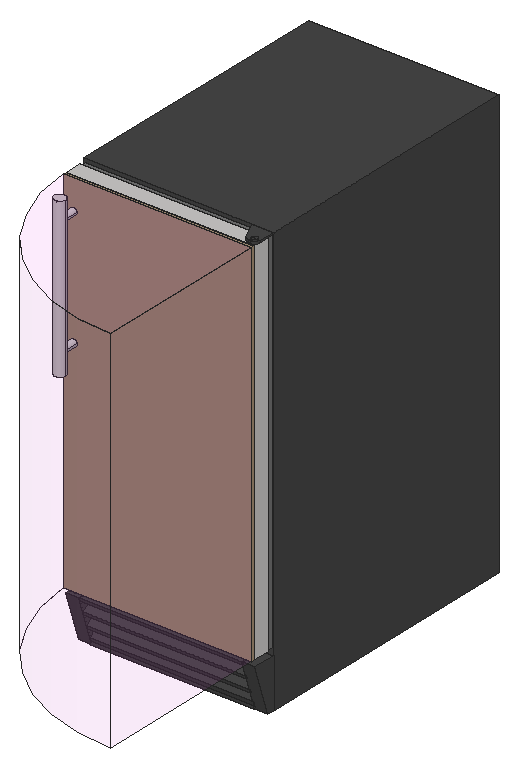
Revit family "QF_Summit_BIM44GIF_Ice_Maker", category Specialty Equipment, Revit 2020
Family settings
  Round Connector Dimension = Use Diameter
  Part Type = Normal
  Work Plane-Based = No
  Always vertical = Yes
  Cut with Voids When Loaded = No
  Shared = No
  Room Calculation Point = No
Parameters
  Weight in Pounds = 100
  Watts = if(Phase = 3, Volts * FL Amps * 1.73, Volts * FL Amps)  # 552 W
  Waste Water Discharge Temperature = -459.67 °F
  Volts = 115 V
  Ventilation Remarks = ""
  URL Cutsheet = ""
  Specification by User = ""
  Specification by Manufacturer = ""
  Show RHD [instance] = yes
  Show LHD [instance] = not(Show RHD)  # no
  Show Clearance [instance] = yes
  Serial Number = ""
  Seismic Rating = ""
  SMACNA No = ""
  Revision Code = ""
  Refrigerant Volume = 0.00 kip
  Refrigerant Type = "R134a"
  Plumbing Remarks = ""
  Phase = 1
  Number of Poles = 1
  NAFEM Spec ID Number = ""
  Model = "BIM44GIF"
  Min Ckt Ampacity = 0 A
  Max Overcurrent Protection = 0 A
  Masterspec = ""
  Manufacturer = "Summit"
  Length = 14 1/2"
  Item Number = ""
  Installed By = ""
  Indirect Waste Size = 3/4"
  Indirect Waste Flow = 0 GPM
  Indirect Waste Connection Type = ""
  Indirect Waste Connection Height = 0"
  Identify Quantity as Lot = yes
  Height = 33"
  HP = ""
  Furnished By = ""
  Foodservice Equipment Identifier = yes
  FL Amps = 4.8 A
  Electrical Remarks = ""
  Electric Connection Type = ""
  Elec Conn RI Height = 0"
  Elec Conn Connection Height = 0"
  Direct Waste Size = 0"
  Direct Waste RI Height = 0"
  Direct Waste Flow = 0 GPM
  Direct Waste Connection Height = 0"
  Description = "Ice Maker"
  Depth = 23 1/2"
  Default Elevation = 0"
  Cycle = 60 Hz
  Conn Plug = ""
  Conn Conduit = yes
  Cold Water Temperature Recommended = -459.67 °F
  Cold Water Size = 3/8"
  Cold Water RI Height = 0"
  Cold Water Minimum Pressure = 0.00 psi
  Cold Water Maximum Pressure = 0.00 psi
  Cold Water Flow = 0 GPM
  Cold Water Consumption = ""
  Cold Water Connection Height = 0"
  CSI MasterFormat = ""
  Base Height [instance] = 1/4"
  BTUH = 0.0 Btu/h
  Apparent Power = if(Phase = 3, Volts * FL Amps * 1.73, Volts * FL Amps)  # 552 VA
Reference planes (in)
  plane 1 "BACK": y = 0
  plane 2: z = 0
  plane 3 "LEFT": x = 0
  plane 4 "RIGHT": x = 14.5
  plane 5 "FRONT": y = -23.25
  plane 6 "TOP": z = 33
  plane 7 "Center Y": x = 7.25
  plane 8 "Center X": y = -11.625
  plane 9 "Base Height": z = 0.25
  plane 10: y = -25.25
  plane 11: y = -21.5
  plane 12: z = 0.5
  plane 13: y = -23.5
  plane 14: y = -37
  plane 15: z = 32
  plane 16: z = 20
Forms (in)
  Extrusion 1, solid, material "QF_Metal_Black"
    sketch origin (0, 0, 0.25) x (-1, 0, 0) y (0, -1, 0)
      loop
        line (0, 0) -> (0, 21.5) -> (-14.5, 21.5) -> (-14.5, 0) -> (0, 0)
    from 0 to 32.75
  Extrusion 2, solid, material "QF_Metal_Stainless_Polished"
    sketch origin (15.07679, -21.5, 0.25) x (-1, 0, 0) y (0, 0, -1)
      loop
        line (0.63929, -32.5625) -> (15.01429, -32.5625) -> (15.01429, -4.1875) -> (0.63929, -4.1875) -> (0.63929, -32.5625)
    from 0.48459 to 1.75
  Extrusion 3, solid, material "QF_Rubber - Black - Smooth"
    sketch origin (15.07679, -21.5, 0.25) x (-1, 0, 0) y (0, 0, -1)
      loop
        line (14.95179, -32.5) -> (14.95179, -4.25) -> (0.70179, -4.25) -> (0.70179, -32.5) -> (14.95179, -32.5)
    from 0 to 0.48459
  Extrusion 4, solid, material "QF_Metal_Black", visible <- "Show LHD"
    sketch origin (0, 0, 33) x (-1, 0, 0) y (0, -1, 0)
      loop
        arc (-1.59653, 21.54634) -> (-1.5807, 21.51337) -> (-1.54666, 21.5) r 0.05
        line (-1.54666, 21.5) -> (0, 21.5) -> (0, 22.79709)
        arc (0, 22.79709) -> (-0.10983, 23.06226) -> (-0.375, 23.17209) r 0.375
        line (-0.375, 23.17209) -> (-0.57316, 23.17209)
        arc (-0.57316, 23.17209) -> (-0.77491, 23.11319) -> (-0.91329, 22.95501) r 0.375
        line (-0.91329, 22.95501) -> (-1.59653, 21.54634)
      loop
        circle (-0.375, 22.85959) r 0.21875
    from 0 to -0.125
  Revolve 5, solid, material "QF_Metal_Black", visible <- "Show LHD"
    sketch origin (0, -22.8585, 0) x (1, 0, 0) y (0, 0, 1)
      loop
        line (0.375, 33.0625) -> (0.15649, 33.0625) -> (0.15649, 32.875) -> (0.26575, 32.875) -> (0.26575, 32.8125) -> (0.375, 32.8125) -> (0.375, 33.0625)
      axis (0.375, 32.8125) -> (0.375, 33.0625)
    angle from 0 to 360
  Extrusion 6, solid, material "QF_Metal_Black"
    sketch origin (14.4375, -21.5, 4.4375) x (0, 1, 0) y (1, 0, 0)
      loop
        line (0, -14.4375) -> (0, -12.89084)
        arc (0, -12.89084) -> (-0.01337, -12.8568) -> (-0.04634, -12.84097) r 0.05
        line (-0.04634, -12.84097) -> (-1.45501, -13.52421)
        arc (-1.45501, -13.52421) -> (-1.61319, -13.66259) -> (-1.67209, -13.86434) r 0.375
        line (-1.67209, -13.86434) -> (-1.67209, -14.0625)
        arc (-1.67209, -14.0625) -> (-1.56226, -14.32767) -> (-1.29709, -14.4375) r 0.375
        line (-1.29709, -14.4375) -> (0, -14.4375)
    from 0.0625 to 0.25
  Extrusion 7, solid, material "QF_Metal_Black"
    sketch origin (14.4375, -21.5, 4.375) x (0, 1, 0) y (-1, 0, 0)
      loop
        circle (-1.3585, 14.0625) r 0.21851
    from 0 to 0.125
  Extrusion 8, solid, material "QF_Metal_Black"
    sketch origin (0, 0, 0) x (0, 1, 0) y (0, 0, 1)
      loop
        line (-21.5, 0.25) -> (-21.5, 4) -> (-23.25, 4) -> (-22, 0.25) -> (-21.5, 0.25)
    from 0 to 1
  Extrusion 9, solid, material "QF_Metal_Black"
    sketch origin (14.5, 0, 0) x (0, -1, 0) y (0, 0, 1)
      loop
        line (21.5, 0.25) -> (22, 0.25) -> (23.25, 4) -> (21.5, 4) -> (21.5, 0.25)
    from 0 to 1
  Extrusion 10, solid, material "QF_Metal_Black"
    sketch origin (1, 0, 0) x (0, 1, 0) y (0, 0, 1)
      loop
        line (-21.5, 4) -> (-23.25, 4) -> (-23.16667, 3.75) -> (-21.625, 3.75) -> (-22.88286, 2.89857) -> (-22.79167, 2.625) -> (-21.625, 2.625) -> (-22.5, 1.75) -> (-22.41667, 1.5) -> (-21.67961, 1.5) -> (-22.16667, 0.75) -> (-22.08333, 0.5) -> (-22.08333, 0.25) -> (-21.5, 0.25) -> (-21.5, 4)
    from 0 to 12.5
  Extrusion 11, void
    sketch origin (0, 0, 0.25) x (1, 0, 0) y (0, 0, -1)
      loop
        line (0.25, -7.875) -> (5, -7.875) -> (5, -0.25) -> (0.25, -0.25) -> (0.25, -7.875)
    from -1 to 1
  Extrusion 12, solid, material "QF_Rubber - Black - Smooth"
    sketch origin (0, 0, 0.25) x (1, 0, 0) y (0, 0, -1)
      loop
        circle (5.5, -0.75) r 0.25
    from 0 to 0.0625
  Extrusion 13, solid
    sketch origin (0, -1, 0.25) x (1, 0, 0) y (0, 0, -1)
      loop
        circle (1.75, -4.875) r 0.375
      loop
        circle (3.0625, -6.57986) r 0.1875
    from 0 to 0.0625
  Extrusion 14, solid, material "QF_Clearances_Door_Drawer", visible <- "Show LHD"
    sketch origin (14.4375, -21.75, 4.4375) x (0, 1, 0) y (1, 0, 0)
      loop
        arc (-1.75, 0.00137) -> (-11.3422, -4.51854) -> (-15.25245, -14.375) r 14.42446
        line (-15.25245, -14.375) -> (-1.75, -14.375) -> (-1.75, 0.00137)
    from 0 to -28.375
  Revolve 15, solid, material "QF_Metal_Black"
    sketch origin (0, -20, 0) x (1, 0, 0) y (0, 0, 1)
      loop
        line (1, 0) -> (1.5, 0) -> (1.5, 0.25) -> (1, 0.25) -> (1, 0)
      axis (1.5, 0.25) -> (1.5, 0)
    angle from 0 to 360
  Revolve 16, solid, material "QF_Metal_Black"
    sketch origin (11.5, -20, 0) x (1, 0, 0) y (0, 0, 1)
      loop
        line (1, 0) -> (1.5, 0) -> (1.5, 0.25) -> (1, 0.25) -> (1, 0)
      axis (1.5, 0.25) -> (1.5, 0)
    angle from 0 to 360
  Revolve 17, solid, material "QF_Metal_Black"
    sketch origin (0, -1.5, 0) x (1, 0, 0) y (0, 0, 1)
      loop
        line (1, 0) -> (1.5, 0) -> (1.5, 0.25) -> (1, 0.25) -> (1, 0)
      axis (1.5, 0.25) -> (1.5, 0)
    angle from 0 to 360
  Revolve 18, solid, material "QF_Metal_Black"
    sketch origin (11.5, -1.5, 0) x (1, 0, 0) y (0, 0, 1)
      loop
        line (1, 0) -> (1.5, 0) -> (1.5, 0.25) -> (1, 0.25) -> (1, 0)
      axis (1.5, 0.25) -> (1.5, 0)
    angle from 0 to 360
  Extrusion 19, solid, material "QF_Wood_Hard_Rock_Maple_Satin"
    sketch origin (15.07679, -23.25, 0.25) x (-1, 0, 0) y (0, 0, -1)
      loop
        line (0.63929, -32.5625) -> (15.01429, -32.5625) -> (15.01429, -4.1875) -> (0.63929, -4.1875) -> (0.63929, -32.5625)
    from 0 to 0.25
  Extrusion 20, solid, material "QF_Metal_Stainless_Polished", visible <- "Show LHD"
    sketch origin (14.4375, -21.5, 32.8125) x (-1, 0, 0) y (0, -1, 0)
      loop
        circle (0.75096, 3.31373) r 0.43671
    from -0.8125 to -12.8125
  Extrusion 21, solid, material "QF_Metal_Stainless_Polished", visible <- "Show LHD"
    sketch origin (15.07679, -23.5, 0.25) x (-1, 0, 0) y (0, 0, -1)
      loop
        circle (1.39025, -30.25) r 0.25
      loop
        circle (1.39025, -21.25) r 0.25
    from 0 to 1.31373
  Extrusion 22, solid, material "QF_Clearances_Door_Drawer", visible <- "Show RHD"
    sketch origin (0.0625, -21.75, 4.4375) x (0, -1, 0) y (-1, 0, 0)
      loop
        line (1.75, 0.00137) -> (1.75, -14.375) -> (15.25245, -14.375)
        arc (15.25245, -14.375) -> (11.3422, -4.51854) -> (1.75, 0.00137) r 14.42446
    from 0 to -28.375
  Extrusion 23, solid, material "QF_Metal_Stainless_Polished", visible <- "Show RHD"
    sketch origin (0.0625, -21.5, 32.8125) x (1, 0, 0) y (0, 1, 0)
      loop
        circle (0.75096, -3.31373) r 0.43671
    from -0.8125 to -12.8125
  Extrusion 24, solid, material "QF_Metal_Stainless_Polished", visible <- "Show RHD"
    sketch origin (-0.57679, -23.5, 0.25) x (1, 0, 0) y (0, 0, 1)
      loop
        circle (1.39025, 30.25) r 0.25
      loop
        circle (1.39025, 21.25) r 0.25
    from 0 to 1.31373
  Extrusion 25, solid, material "QF_Metal_Black", visible <- "Show RHD"
    sketch origin (14.5, 0, 33) x (1, 0, 0) y (0, 1, 0)
      loop
        line (-1.59653, -21.54634) -> (-0.91329, -22.95501)
        arc (-0.91329, -22.95501) -> (-0.77491, -23.11319) -> (-0.57316, -23.17209) r 0.375
        line (-0.57316, -23.17209) -> (-0.375, -23.17209)
        arc (-0.375, -23.17209) -> (-0.10983, -23.06226) -> (0, -22.79709) r 0.375
        line (0, -22.79709) -> (0, -21.5) -> (-1.54666, -21.5)
        arc (-1.54666, -21.5) -> (-1.5807, -21.51337) -> (-1.59653, -21.54634) r 0.05
      loop
        circle (-0.375, -22.85959) r 0.21875
    from 0 to -0.125
  Revolve 26, solid, material "QF_Metal_Black", visible <- "Show RHD"
    sketch origin (14.5, -22.8585, 0) x (-1, 0, 0) y (0, 0, -1)
      loop
        line (0.375, -33.0625) -> (0.375, -32.8125) -> (0.26575, -32.8125) -> (0.26575, -32.875) -> (0.15649, -32.875) -> (0.15649, -33.0625) -> (0.375, -33.0625)
      axis (0.375, -32.8125) -> (0.375, -33.0625)
    angle from 0 to 360
Cuts and joins
  Extrusion 11 cuts Extrusion 1
Lines and regions (in)
  Split face 1
    outline origin (0.375, -22.8585, 33.0625) x (0, 1, 0) y (-1, 0, 0)
      loop
        line (-0.02941, 0.21652) -> (-0.02941, -0.21751)
  Split face 2
    outline origin (0.375, -22.8585, 33.0625) x (0, 1, 0) y (-1, 0, 0)
      loop
        line (0.03309, 0.21651) -> (0.03309, -0.21651)
  Split face 3
    outline origin (14.125, -22.8585, 33.0625) x (1, 0, 0) y (0, 1, 0)
      loop
        line (0.21652, -0.02941) -> (-0.21751, -0.02941)
  Split face 4
    outline origin (14.125, -22.8585, 33.0625) x (1, 0, 0) y (0, 1, 0)
      loop
        line (0.21651, 0.03309) -> (-0.21651, 0.03309)
  symbolic lines
    curve 1: line (0, 0, 0.25) -> (14.5, 0, 0.25)
    curve 2: line (0, -23.5, 0.25) -> (0, 0, 0.25)
    curve 3: line (14.5, -21.5, 0.25) -> (0, -21.5, 0.25)
    curve 4: line (14.5, 0, 0.25) -> (14.5, -23.5, 0.25)
    curve 7: line (14.4375, -23.5, 0.25) -> (14.4375, -21.98459, 0.25)
    curve 13: arc (0.59351, -22.8585, 0.25) -> (0.375, -23.07701, 0.25) -> (0.15649, -22.8585, 0.25) r 0.21851
    curve 14: arc (0.15649, -22.8585, 0.25) -> (0.375, -22.64, 0.25) -> (0.59351, -22.8585, 0.25) r 0.21851
    curve 15: line (0.15901, -22.82541, 0.25) -> (0.59099, -22.82541, 0.25)
    curve 16: line (0.15848, -22.88791, 0.25) -> (0.59152, -22.88791, 0.25)
    curve 17: line (0.0625, -23.00438, 0.25) -> (0.0625, -23.5, 0.25)
    curve 32: line (0.0625, -23.5, 0.25) -> (0.0625, -21.98459, 0.25)
  symbolic lines, visible <- "Show LHD"
    curve 5: line (14.375, -21.98459, 0.25) -> (14.375, -21.5, 0.25)
    curve 6: line (14.4375, -21.98459, 0.25) -> (1.38396, -21.98459, 0.25)
    curve 8: arc (1.59653, -21.54634, 0.25) -> (1.5807, -21.51337, 0.25) -> (1.54666, -21.5, 0.25) r 0.05
    curve 9: line (0.91329, -22.95501, 0.25) -> (1.59653, -21.54634, 0.25)
    curve 10: arc (0.57316, -23.17209, 0.25) -> (0.77491, -23.11319, 0.25) -> (0.91329, -22.95501, 0.25) r 0.375
    curve 11: line (0.375, -23.17209, 0.25) -> (0.57316, -23.17209, 0.25)
    curve 12: arc (0, -22.79709, 0.25) -> (0.10983, -23.06226, 0.25) -> (0.375, -23.17209, 0.25) r 0.375
    curve 21: line (13.9375, -23.5, 0.25) -> (13.9375, -24.45633, 0.25)
    curve 22: line (13.4375, -23.5, 0.25) -> (13.4375, -24.45499, 0.25)
    curve 23: arc (14.12325, -24.81373, 0.25) -> (13.68654, -24.37702, 0.25) -> (13.24984, -24.81373, 0.25) r 0.43671
    curve 24: arc (13.24984, -24.81373, 0.25) -> (13.68654, -25.25043, 0.25) -> (14.12325, -24.81373, 0.25) r 0.43671
  symbolic lines, style "QF_Clearances_Door_Drawer", visible <- "Show LHD"
    curve 18: arc (14.43783, -23.5, 0.25) -> (13.72697, -27.12976, 0.25) -> (12.11734, -30.45986, 0.25) r 14.43997
    curve 19: line (0.0625, -23.5, 0.25) -> (12.11734, -30.45986, 0.25)
  symbolic lines, style "SpecialityEquipment"
    curve 20: line (0, -23.5, 0.25) -> (14.5, -23.5, 0.25)
  symbolic lines, style "QF_Clearances_Door_Drawer", visible <- "Show RHD"
    curve 25: arc (0.06217, -23.5, 0.25) -> (0.77303, -27.12976, 0.25) -> (2.38266, -30.45986, 0.25) r 14.43997
    curve 26: line (14.4375, -23.5, 0.25) -> (2.38266, -30.45986, 0.25)
  symbolic lines, visible <- "Show RHD"
    curve 27: line (0.5625, -23.5, 0.25) -> (0.5625, -24.45633, 0.25)
    curve 28: line (1.0625, -23.5, 0.25) -> (1.0625, -24.45499, 0.25)
    curve 29: arc (0.37675, -24.81373, 0.25) -> (0.81346, -24.37702, 0.25) -> (1.25016, -24.81373, 0.25) r 0.43671
    curve 30: arc (1.25016, -24.81373, 0.25) -> (0.81346, -25.25043, 0.25) -> (0.37675, -24.81373, 0.25) r 0.43671
    curve 31: line (0.0625, -21.98459, 0.25) -> (13.11604, -21.98459, 0.25)
    curve 33: arc (12.90347, -21.54634, 0.25) -> (12.9193, -21.51337, 0.25) -> (12.95334, -21.5, 0.25) r 0.05
    curve 34: line (13.58671, -22.95501, 0.25) -> (12.90347, -21.54634, 0.25)
    curve 35: arc (13.92684, -23.17209, 0.25) -> (13.72509, -23.11319, 0.25) -> (13.58671, -22.95501, 0.25) r 0.375
    curve 36: line (14.125, -23.17209, 0.25) -> (13.92684, -23.17209, 0.25)
    curve 37: arc (14.5, -22.79709, 0.25) -> (14.39017, -23.06226, 0.25) -> (14.125, -23.17209, 0.25) r 0.375
    curve 38: line (0.125, -21.98459, 0.25) -> (0.125, -21.5, 0.25)
Dimensions and locks (in)
  equal spacing: plane 3 "LEFT", plane 7 "Center Y", plane 4 "RIGHT"
  "Length": plane 3 "LEFT" to plane 4 "RIGHT"
  equal spacing: plane 5 "FRONT", plane 8 "Center X", plane 1 "BACK"
  plane 13 to plane 1 "BACK" = 23 1/2"
  "Height": plane 6 "TOP" to level
  "Base Height": plane 9 "Base Height" to level
  plane 14 to plane 1 "BACK" = 37"
  plane 10 to plane 5 "FRONT" = 2"
  plane 11 to plane 1 "BACK" = 21 1/2"
  plane 6 "TOP" to plane 9 "Base Height" = 32 3/4"
  plane 13 to plane 5 "FRONT" = 1/4"
  plane 15 to plane 16 = 12"
  aligned and locked: level to plane 2
Automatic sketch dimensions
  curve 13 to curve 14 = 0"  (x2)
  curve 23 to curve 24 = 0"  (x2)
  curve 29 to curve 30 = 0"  (x2)
  curve 20 to plane 4 "RIGHT" = 0"
  curve 18 to plane 13 = 0"
  curve 7 to plane 13 = 0"
  plane 11 to curve 5 = 0"
  curve 32 to plane 13 = 0"
  curve 12 to plane 3 "LEFT" = 0"
  plane 1 "BACK" to curve 1 = 0"
  plane 4 "RIGHT" to curve 25 = 0.02832"
  curve 4 to curve 7 = 1/16"
  curve 36 to plane 5 "FRONT" = 0.07791"
  plane 4 "RIGHT" to curve 36 = 3/8"
  curve 36 to curve 36 = 0.19816"
  plane 4 "RIGHT" to curve 24 = 0.81346"
  curve 34 to plane 5 "FRONT" = 0.29499"
  curve 35 to curve 34 = 0.34013"
  plane 11 to curve 33 = 0.05"
  curve 34 to curve 33 = 0.63337"
  plane 11 to curve 34 = 0.04634"
  plane 4 "RIGHT" to curve 19 = 2.38266"
  plane 3 "LEFT" to curve 26 = 2.38266"
  plane 11 to curve 9 = 0.04634"
  plane 3 "LEFT" to curve 9 = 1.59653"
  curve 8 to curve 8 = 0.04987"
  curve 9 to plane 5 "FRONT" = 0.29499"
  plane 3 "LEFT" to curve 9 = 0.91329"
  plane 3 "LEFT" to curve 30 = 0.81346"
  curve 11 to plane 5 "FRONT" = 0.07791"
  curve 9 to curve 11 = 0.34013"
  curve 10 to curve 13 = 0.19816"
  curve 10 to curve 11 = 0.19816"
  plane 3 "LEFT" to curve 32 = 1/16"
  plane 3 "LEFT" to curve 18 = 0.02832"
  plane 11 to curve 32 = 0.48459"
  plane 11 to curve 7 = 0.48459"
  curve 25 to curve 37 = 0.23459"
  curve 18 to curve 12 = 0.23459"
  curve 12 to curve 13 = 0.06141"
  plane 10 to curve 29 = 0.43627"
  plane 10 to curve 24 = 0.43627"
  curve 19 to plane 10 = 5.20986"
  curve 26 to plane 10 = 5.20986"
  curve 6 to curve 5 = 1/16"
  plane 4 "RIGHT" to curve 23 = 0.37675"
  curve 23 to curve 21 = 0.18575"
  curve 22 to curve 23 = 0.18766"
  curve 29 to curve 29 = 0.43671"
  curve 29 to curve 28 = 0.18766"
  curve 14 to curve 10 = 0.02035"
  curve 13 to curve 16 = 0.00199"
  curve 14 to curve 15 = 0.00252"
  curve 10 to curve 27 = 0.01066"
  curve 38 to curve 31 = 1/16"
  plane 1 "BACK" to Extrusion 1 sketch curve = 0"
  Extrusion 1 sketch curve to plane 4 "RIGHT" = 0"
  Extrusion 1 sketch curve to plane 3 "LEFT" = 0"
  plane 11 to Extrusion 1 sketch curve = 0"
  Extrusion 2 sketch curve to Extrusion 1 = 1/16"
  Extrusion 1 to Extrusion 2 sketch curve = 1/16"
  Extrusion 1 to Extrusion 2 sketch curve = 3/16"
  Extrusion 1 to Extrusion 2 sketch curve = 4 3/16"
  Extrusion 3 sketch curve to Extrusion 1 = 1/8"
  Extrusion 1 to Extrusion 3 sketch curve = 1/8"
  Extrusion 1 to Extrusion 3 sketch curve = 1/4"
  Extrusion 1 to Extrusion 3 sketch curve = 4 1/4"
  Extrusion 1 to Extrusion 4 sketch curve = 0"
  Extrusion 4 sketch curve to Extrusion 1 = 0"
  Extrusion 4 sketch curve to Extrusion 4 sketch curve = 3/8"
  Extrusion 4 sketch curve to Extrusion 4 sketch curve = 0"  (x2)
  Extrusion 4 sketch curve to Extrusion 4 sketch curve = 0.19816"
  Extrusion 4 sketch curve to Extrusion 4 sketch curve = 0.34013"
  Extrusion 4 sketch curve to Extrusion 4 sketch curve = 1.54666"
  Extrusion 1 to Extrusion 4 sketch curve = 0.04634"
  Extrusion 4 sketch curve to Extrusion 4 sketch curve = 0.04987"
  Extrusion 1 to Extrusion 4 sketch curve = 1.29709"
  Extrusion 4 sketch curve to Extrusion 4 sketch curve = 1/16"
  plane 6 "TOP" to Revolve 5 sketch curve = 1/16"
  plane 3 "LEFT" to Revolve 5 sketch curve = 0.15649"
  Revolve 5 sketch curve to Revolve 5 sketch curve = 0.10925"  (x2)
  Revolve 5 sketch curve to plane 6 "TOP" = 1/8"
  Revolve 5 sketch curve to Revolve 5 sketch curve = 1/16"
  Revolve 5 sketch curve to Revolve 5 sketch curve = 0"  (x2)
  Revolve 5 sketch curve to Revolve 5 sketch curve = 0.17625"
  Revolve 5 to Split face 1 sketch curve = 0.02941"
  Split face 1 sketch curve to Split face 1 sketch curve = 0.43403"
  Split face 2 sketch curve to Revolve 5 = 0.03309"
  Split face 2 sketch curve to Split face 2 sketch curve = 0.43301"
  Extrusion 6 sketch curve to Extrusion 2 = 0.07791"
  Extrusion 6 sketch curve to Extrusion 2 = 0.29499"
  Extrusion 6 sketch curve to Extrusion 6 sketch curve = 3/8"
  Extrusion 2 to Extrusion 6 sketch curve = 1/16"
  Extrusion 6 sketch curve to Extrusion 2 = 0.45291"
  Extrusion 2 to Extrusion 6 sketch curve = 0.43459"
  Extrusion 6 sketch curve to Extrusion 6 sketch curve = 0.00366"
  Extrusion 2 to Extrusion 6 sketch curve = 0.48459"
  Extrusion 6 sketch curve to Extrusion 6 sketch curve = 0.19816"
  Extrusion 6 sketch curve to Extrusion 2 = 1.48416"
  Extrusion 7 sketch curve to Extrusion 7 sketch curve = 0"  (x2)
  Extrusion 7 sketch curve to Extrusion 6 = 0.31359"
  Extrusion 7 sketch curve to Extrusion 6 = 3/8"
  Extrusion 7 sketch curve to Extrusion 7 sketch curve = 0.21851"
  Extrusion 8 sketch curve to plane 5 "FRONT" = 0"
  Extrusion 8 sketch curve to plane 9 "Base Height" = 0"
  Extrusion 8 sketch curve to plane 11 = 0"
  plane 11 to Extrusion 8 sketch curve = 1/2"
  plane 12 to Extrusion 8 sketch curve = 3 1/2"
  Extrusion 9 sketch curve to plane 11 = 0"
  Extrusion 9 sketch curve to plane 9 "Base Height" = 0"  (x2)
  Extrusion 9 sketch curve to plane 5 "FRONT" = 0"
  plane 12 to Extrusion 9 sketch curve = 3 1/2"
  Extrusion 9 sketch curve to Extrusion 9 sketch curve = 1/2"
  Extrusion 9 sketch curve to Extrusion 9 sketch curve = 0"
  Extrusion 10 sketch curve to Extrusion 8 = 0"  (x4)
  Extrusion 8 to Extrusion 10 sketch curve = 0"  (x7)
  Extrusion 10 sketch curve to Extrusion 8 = 1/4"  (x2)
  Extrusion 10 sketch curve to Extrusion 8 = 1.10143"
  Extrusion 10 sketch curve to Extrusion 10 sketch curve = 0.09119"
  Extrusion 10 sketch curve to Extrusion 10 sketch curve = 0.29167"
  Extrusion 10 sketch curve to Extrusion 10 sketch curve = 0.08333"
  Extrusion 10 sketch curve to Extrusion 8 = 1/2"
  Extrusion 10 sketch curve to Extrusion 8 = 0.17961"
  Extrusion 10 sketch curve to Extrusion 8 = 1/8"  (x2)
  Extrusion 11 sketch curve to Extrusion 1 = 1/4"
  Extrusion 1 to Extrusion 11 sketch curve = 1/4"
  Extrusion 11 sketch curve to Extrusion 11 sketch curve = 4 3/4"
  Extrusion 11 sketch curve to Extrusion 11 sketch curve = 7 5/8"
  Extrusion 1 to Extrusion 12 sketch curve = 3/4"
  Extrusion 12 sketch curve to Extrusion 1 = 5 1/2"
  Extrusion 13 sketch curve to Extrusion 11 = 1 1/2"
  Extrusion 13 sketch curve to Extrusion 11 = 1 15/16"
  Extrusion 13 sketch curve to Extrusion 11 = 1.29514"
  Extrusion 13 sketch curve to Extrusion 13 sketch curve = 1.70486"
  Extrusion 14 sketch curve to Extrusion 2 = 0"
  Extrusion 2 to Extrusion 14 sketch curve = 13.75245"
  Extrusion 2 to Extrusion 14 sketch curve = 1/4"
  Extrusion 2 to Extrusion 14 sketch curve = 0.01859"
  Extrusion 14 sketch curve to Extrusion 2 = 0.59341"
  Revolve 15 sketch curve to level = 0"  (x2)
  Revolve 15 sketch curve to plane 9 "Base Height" = 0"
  plane 3 "LEFT" to Revolve 15 sketch curve = 1"
  Revolve 15 sketch curve to Revolve 15 sketch curve = 1/2"
  Revolve 15 sketch curve to Revolve 15 sketch curve = 0"
  Revolve 15 sketch curve to Revolve 15 sketch curve = 0.61388"
  Revolve 16 sketch curve to level = 0"  (x2)
  Revolve 16 sketch curve to plane 9 "Base Height" = 0"
  plane 4 "RIGHT" to Revolve 16 sketch curve = 2"
  Revolve 16 sketch curve to Revolve 16 sketch curve = 1/2"
  Revolve 16 sketch curve to Revolve 16 sketch curve = 0"
  Revolve 16 sketch curve to Revolve 16 sketch curve = 0.61388"
  Revolve 17 sketch curve to level = 0"  (x2)
  Revolve 17 sketch curve to plane 9 "Base Height" = 0"
  plane 3 "LEFT" to Revolve 17 sketch curve = 1"
  Revolve 17 sketch curve to Revolve 17 sketch curve = 1/2"
  Revolve 17 sketch curve to Revolve 17 sketch curve = 0"
  Revolve 17 sketch curve to level = 0.61388"
  Revolve 18 sketch curve to level = 0"  (x2)
  Revolve 18 sketch curve to plane 9 "Base Height" = 0"
  plane 4 "RIGHT" to Revolve 18 sketch curve = 2"
  Revolve 18 sketch curve to Revolve 18 sketch curve = 1/2"
  Revolve 18 sketch curve to Revolve 18 sketch curve = 0"
  Revolve 18 sketch curve to level = 0.61388"
  Extrusion 19 sketch curve to Extrusion 2 = 0"  (x3)
  Extrusion 2 to Extrusion 19 sketch curve = 0"
  Extrusion 2 to Extrusion 20 sketch curve = 0.75096"
  Extrusion 20 sketch curve to Extrusion 2 = 1.56373"
  Extrusion 21 sketch curve to Extrusion 19 = 0.75096"  (x2)
  Extrusion 21 sketch curve to Extrusion 19 = 2 5/16"
  Extrusion 21 sketch curve to Extrusion 21 sketch curve = 9"
  Extrusion 22 sketch curve to Extrusion 2 = 0"
  Extrusion 22 sketch curve to Extrusion 2 = 0.01859"
  Extrusion 22 sketch curve to Extrusion 2 = 0.59341"
  Extrusion 2 to Extrusion 22 sketch curve = 0.00137"
  Extrusion 2 to Extrusion 22 sketch curve = 1/4"
  Extrusion 2 to Extrusion 23 sketch curve = 0.75096"
  Extrusion 23 sketch curve to Extrusion 2 = 1.56373"
  Extrusion 24 sketch curve to Extrusion 19 = 0.75096"  (x2)
  Extrusion 24 sketch curve to Extrusion 19 = 11 5/16"
  Extrusion 24 sketch curve to Extrusion 19 = 2 5/16"
  Extrusion 1 to Extrusion 25 sketch curve = 0"
  Extrusion 25 sketch curve to Extrusion 1 = 0"
  Extrusion 25 sketch curve to Extrusion 25 sketch curve = 3/8"
  Extrusion 25 sketch curve to Extrusion 25 sketch curve = 0"  (x2)
  Extrusion 25 sketch curve to Extrusion 25 sketch curve = 0.19816"
  Extrusion 25 sketch curve to Extrusion 25 sketch curve = 0.34013"
  Extrusion 25 sketch curve to Extrusion 25 sketch curve = 1.54666"
  Extrusion 1 to Extrusion 25 sketch curve = 0.04634"
  Extrusion 25 sketch curve to Extrusion 25 sketch curve = 0.04987"
  Extrusion 1 to Extrusion 25 sketch curve = 1.29709"
  Extrusion 25 sketch curve to Extrusion 25 sketch curve = 1/16"
  plane 6 "TOP" to Revolve 26 sketch curve = 1/16"
  plane 4 "RIGHT" to Revolve 26 sketch curve = 0.15649"
  Revolve 26 sketch curve to Revolve 26 sketch curve = 0.10925"  (x2)
  Revolve 26 sketch curve to plane 6 "TOP" = 1/8"
  Revolve 26 sketch curve to Revolve 26 sketch curve = 1/16"
  Revolve 26 sketch curve to Revolve 26 sketch curve = 0"  (x2)
  Revolve 26 sketch curve to Revolve 26 sketch curve = 0.17625"
  Revolve 26 to Split face 3 sketch curve = 0.02941"
  Split face 3 sketch curve to Split face 3 sketch curve = 0.43403"
  Split face 4 sketch curve to Revolve 26 = 0.03309"
  Split face 4 sketch curve to Split face 4 sketch curve = 0.43301"
  radius of Extrusion 4 sketch curve = 7/32"
  radius of Extrusion 12 sketch curve = 1/4"
  radius of Extrusion 13 sketch curve = 3/8"
  radius of Extrusion 13 sketch curve = 3/16"
  radius of Extrusion 20 sketch curve = 0.43671"
  radius of Extrusion 21 sketch curve = 1/4"  (x2)
  radius of Extrusion 23 sketch curve = 0.43671"
  radius of Extrusion 24 sketch curve = 1/4"  (x2)
  radius of Extrusion 25 sketch curve = 7/32"
Connectors (in)
  piping at (1.75, -0.9375, 5.125), diameter 0.75
    settings: on Extrusion 13, index 1, connector inside diameter 24", connector length 0", flow factor 0, pipe flow 0 GPM, pressure drop 0.00 psi, fitting loss kfactor 0, connector angle 0.00°, fixture units 0, engagement length 0", angle of deflection 0.00°, flow configuration 1, flow direction 2, fitting loss method 0, system type 16, joint type 0, gender type 0, connector reference index -1, connector utility 0, adjustable connector no, is connector primary yes, connector description "Drain"
  piping at (3.0625, -0.9375, 6.82986), diameter 0.375
    settings: on Extrusion 13, index 2, connector inside diameter 24", connector length 0", flow factor 0, pipe flow 0 GPM, pressure drop 0.00 psi, fitting loss kfactor 0, connector angle 0.00°, fixture units 0, engagement length 0", angle of deflection 0.00°, flow configuration 1, flow direction 1, fitting loss method 0, system type 20, joint type 0, gender type 0, connector reference index -1, connector utility 0, adjustable connector no, is connector primary no, connector description "Cold Water Connection"
  electrical at (5.5, 0.0625, 1), driven by "Volts"
    settings: on Extrusion 12, index 3, voltage 115 V, apparent load 0 VA, apparent load phase1 0 VA, apparent load phase2 0 VA, apparent load phase3 0 VA, power factor 1, load classification "Other", number of poles 1, system type 30, power factor state 1, is connector primary yes, connector utility no, sub classification motor no, connector description "Electrical Connection"
